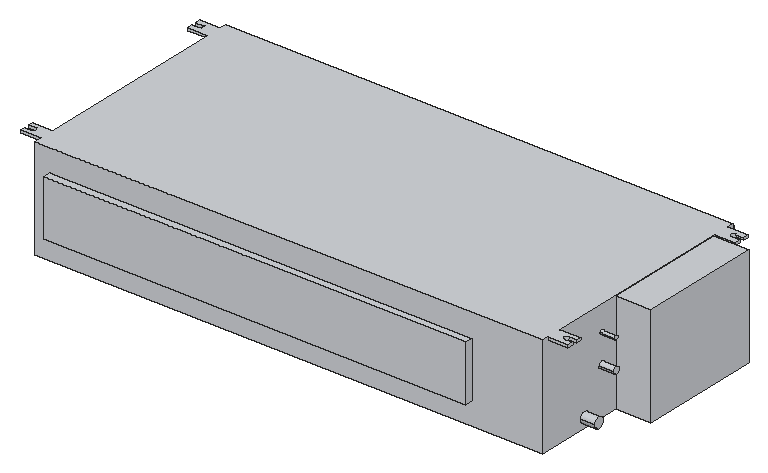
Revit family "TPU5300DA1I-WS", category Оборудование, Revit 2018
Family settings
  Размер круглого соединителя = Использовать диаметр
  Классификация = Нет
  Тип детали = Нормальный
  На основе рабочей плоскости = Нет
  Всегда вертикально = Да
  При загрузке вырезать с полостями = Нет
  Общий = Нет
  Точка расчета площади = Нет
Parameters (values of type "TPU5300DA1I-WS")
  Ширина = 1000 mm
  Размеры блока (ВхШхГ), мм = "1000×500×200"
  Производительность (охл.), кВт = "5.3"
  Описание = "Внутренний блок"
  Изготовитель = "TIZEST"
  Диаметр жидкостной трубы, мм (дюймы) = "6,35 (1/4)"
  Диаметр дренажной трубы, мм = "20"
  Диаметр газовой трубы, мм (дюймы) = "12,70 (1/2)"
  Группа модели = "Перманентный агрегат"
  Глубина = 470 mm
  Высота = 200 mm
  Вес блока, кг = "20"
  Air Return (H) = 172 mm
  Air Outlet (L) = 832 mm
  Air Outlet (H) = 110 mm
  Air Return (L) = 977 mm
Reference planes
  plane 1 "По центру (Вперед/Назад)": y = 0
  plane 2: z = 0
  plane 3 "По центру (Влево/Вправо)": x = 0
  plane 4 "правая сторона": x = 500
  plane 5 "левая сторона": x = -500
  plane 6 "задняя сторона": y = 235
  plane 7 "передняя сторона": y = -235
  plane 8 "верх": z = 100
  plane 9 "верх Air Outlet": z = 55
  plane 10 "низ Air Outlet": z = -55
  plane 11: x = -470
  plane 12: x = 362
  plane 13: z = -100
  plane 14 "верх Air Return": z = 86
  plane 15 "низ Air Return": z = -86
  plane 16: x = 488.5
  plane 17: x = -488.5
  plane 18: y = -133
  plane 19: z = -79.7
  plane 20: y = -90.43
  plane 21: z = 51.95
  plane 22: z = -6.05
  plane 23: z = -79.7
  plane 24: y = -133
Forms (mm)
  Extrusion 1, solid
    sketch origin (0, 0, 0) x (1, 0, 0) y (0, 1, 0)
      loop
        line (-500, 235) -> (-500, -235) -> (500, -235) -> (500, 235) -> (-500, 235)
    from -100 to 100
  Extrusion 2, solid
    sketch origin (0, -235, 0) x (-1, 0, 0) y (0, 0, 1)
      loop
        line (470, 55) -> (-362, 55) -> (-362, -55) -> (470, -55) -> (470, 55)
    from 0 to -15
  Extrusion 3, solid
    sketch origin (0, 235, 0) x (-1, 0, 0) y (0, 0, 1)
      loop
        line (-488.5, 86) -> (-488.5, -86) -> (488.5, -86) -> (488.5, 86) -> (-488.5, 86)
    from 0 to 15
  Extrusion 4, solid
    sketch origin (0, 0, 100) x (-1, 0, 0) y (0, -1, 0)
      loop
        line (540, -211) -> (525, -211)
        arc (525, -211) -> (520, -206) -> (525, -201) r 5
        line (525, -201) -> (540, -201) -> (540, -191) -> (500, -191) -> (500, -221) -> (540, -221) -> (540, -211)
      loop
        line (-540, -211) -> (-540, -221) -> (-500, -221) -> (-500, -191) -> (-540, -191) -> (-540, -201) -> (-525, -201)
        arc (-525, -201) -> (-520, -206) -> (-525, -211) r 5
        line (-525, -211) -> (-540, -211)
      loop
        line (540, 211) -> (540, 221) -> (500, 221) -> (500, 191) -> (540, 191) -> (540, 201) -> (525, 201)
        arc (525, 201) -> (520, 206) -> (525, 211) r 5
        line (525, 211) -> (540, 211)
      loop
        line (-540, 211) -> (-525, 211)
        arc (-525, 211) -> (-520, 206) -> (-525, 201) r 5
        line (-525, 201) -> (-540, 201) -> (-540, 191) -> (-500, 191) -> (-500, 221) -> (-540, 221) -> (-540, 211)
    from 0 to -5
  Extrusion 5, solid
    sketch origin (500, 0, 0) x (0, 1, 0) y (0, 0, 1)
      loop
        circle (-133, -79.7) r 10
      loop
        circle (-90.43, -6.05) r 6.35
      loop
        circle (-90.43, 51.95) r 3.175
    from 0 to 30
  Extrusion 6, solid
    sketch origin (-500, 0, 0) x (0, 1, 0) y (0, 0, 1)
      loop
        circle (-133, -79.7) r 10
    from 0 to -30
  Extrusion 7, solid
    sketch origin (500, 0, 0) x (0, 1, 0) y (0, 0, 1)
      loop
        line (185, 100) -> (-55, 100) -> (-55, -100) -> (185, -100) -> (185, 100)
    from 0 to 70
Cuts and joins
  joined: Extrusion 1, Extrusion 4
Dimensions and locks
  equal spacing: plane 6 "задняя сторона", plane 1 "По центру (Вперед/Назад)", plane 7 "передняя сторона"
  "Глубина": plane 6 "задняя сторона" to plane 7 "передняя сторона"
  equal spacing: plane 5 "левая сторона", plane 3 "По центру (Влево/Вправо)", plane 4 "правая сторона"
  "Ширина": plane 5 "левая сторона" to plane 4 "правая сторона"
  equal spacing: plane 9 "верх Air Outlet", level, plane 10 "низ Air Outlet"
  "Air Outlet (H)": plane 9 "верх Air Outlet" to plane 10 "низ Air Outlet"
  equal spacing: plane 8 "верх", level, plane 13
  "Высота": plane 8 "верх" to plane 13
  locked: plane 11 to plane 5 "левая сторона" at 30
  "Air Outlet (L)": plane 12 to plane 11
  equal spacing: plane 17, plane 3 "По центру (Влево/Вправо)", plane 16
  "Air Return (L)": plane 17 to plane 16
  equal spacing: plane 15 "низ Air Return", level, plane 14 "верх Air Return"
  "Air Return (H)": plane 15 "низ Air Return" to plane 14 "верх Air Return"
  locked: plane 7 "передняя сторона" to plane 18 at 102
  locked: plane 19 to plane 13 at 20.3
  locked: plane 7 "передняя сторона" to plane 20 at 144.57
  locked: plane 8 "верх" to plane 21 at 48.05
  plane 21 to plane 22 = 58 mm
  locked: Extrusion 7 sketch curve to plane 6 "задняя сторона" at 50
  Extrusion 7 sketch curve to Extrusion 7 sketch curve = 240 mm
  aligned and locked: level to plane 2
  aligned and locked: plane 6 "задняя сторона" to Extrusion 1
  aligned and locked: Extrusion 1 to plane 7 "передняя сторона"
  aligned and locked: plane 4 "правая сторона" to Extrusion 1
  aligned and locked: Extrusion 1 to plane 5 "левая сторона"
  aligned and locked: plane 8 "верх" to Extrusion 1
  aligned and locked: Extrusion 1 to plane 13
  aligned and locked: plane 9 "верх Air Outlet" to Extrusion 2
  aligned and locked: Extrusion 2 to plane 10 "низ Air Outlet"
  aligned and locked: Extrusion 2 to plane 11
  aligned and locked: plane 12 to Extrusion 2
  aligned and locked: plane 14 "верх Air Return" to Extrusion 3
  aligned and locked: Extrusion 3 to plane 15 "низ Air Return"
  aligned and locked: Extrusion 3 to plane 16
  aligned and locked: plane 17 to Extrusion 3
  aligned and locked: Extrusion 4 to plane 4 "правая сторона"  (x2)
  aligned and locked: plane 5 "левая сторона" to Extrusion 4  (x2)
  aligned and locked: plane 8 "верх" to Extrusion 7
  aligned and locked: Extrusion 7 to plane 13
Automatic sketch dimensions
  plane 12 to Extrusion 1 sketch curve = 138 mm
  Extrusion 1 sketch curve to plane 11 = 30 mm
  plane 7 "передняя сторона" to Extrusion 1 sketch curve = 0 mm
  Extrusion 1 sketch curve to plane 6 "задняя сторона" = 0 mm
  Extrusion 2 sketch curve to plane 9 "верх Air Outlet" = 0 mm
  Extrusion 2 sketch curve to plane 12 = 0 mm
  plane 10 "низ Air Outlet" to Extrusion 2 sketch curve = 0 mm
  plane 11 to Extrusion 2 sketch curve = 0 mm
  plane 16 to Extrusion 3 sketch curve = 0 mm
  Extrusion 3 sketch curve to plane 17 = 0 mm
  plane 15 "низ Air Return" to Extrusion 3 sketch curve = 0 mm
  Extrusion 3 sketch curve to plane 14 "верх Air Return" = 0 mm
  Extrusion 4 sketch curve to plane 4 "правая сторона" = 0 mm  (x2)
  Extrusion 4 sketch curve to plane 5 "левая сторона" = 0 mm  (x2)
  plane 4 "правая сторона" to Extrusion 4 sketch curve = 25 mm  (x2)
  Extrusion 4 sketch curve to Extrusion 4 sketch curve = 15 mm  (x6)
  Extrusion 4 sketch curve to Extrusion 4 sketch curve = 0 mm  (x2)
  Extrusion 4 sketch curve to plane 5 "левая сторона" = 25 mm  (x2)
  Extrusion 4 sketch curve to plane 6 "задняя сторона" = 14 mm  (x2)
  Extrusion 4 sketch curve to Extrusion 4 sketch curve = 10 mm  (x7)
  Extrusion 4 sketch curve to Extrusion 4 sketch curve = 5 mm  (x4)
  plane 7 "передняя сторона" to Extrusion 4 sketch curve = 44 mm  (x2)
  plane 7 "передняя сторона" to Extrusion 4 sketch curve = 14 mm
  plane 15 "низ Air Return" to Extrusion 5 sketch curve = 6.3 mm
  plane 7 "передняя сторона" to Extrusion 5 sketch curve = 102 mm
  plane 10 "низ Air Outlet" to Extrusion 5 sketch curve = 48.95 mm
  Extrusion 5 sketch curve to Extrusion 5 sketch curve = 42.57 mm
  Extrusion 5 sketch curve to plane 9 "верх Air Outlet" = 3.05 mm
  Extrusion 5 sketch curve to Extrusion 5 sketch curve = 0 mm
  Extrusion 6 sketch curve to plane 23 = 0 mm
  Extrusion 6 sketch curve to plane 24 = 0 mm
  Extrusion 7 sketch curve to plane 13 = 0 mm
  plane 14 "верх Air Return" to Extrusion 7 sketch curve = 14 mm
  radius of Extrusion 5 sketch curve = 10 mm
  radius of Extrusion 5 sketch curve = 6.35 mm
  radius of Extrusion 5 sketch curve = 3.175 mm
  radius of Extrusion 6 sketch curve = 10 mm
Connectors
  hvac at (-54, -250, 0), driven by "Air Outlet (H)", driven by "Air Outlet (L)"
    settings: on Extrusion 2, index 1, duct flow 950 m³/h, flow factor 0, pres drop 0.0 Pa, loss coef 0, conn angle 0.00°, conn width 832 mm, conn height 110 mm, conn diameter 609.6 mm, duct sys type 1, conn prof type 1, flow config 0, flow direction 2, loss method 0, conn ref index 2, conn util no, is conn primary yes, conn desc ""
  hvac at (0, 250, 0), driven by "Air Return (H)", driven by "Air Return (L)"
    settings: on Extrusion 3, index 2, duct flow 950 m³/h, flow factor 0, pres drop 0.0 Pa, loss coef 0, conn angle 0.00°, conn width 977 mm, conn height 172 mm, conn diameter 609.6 mm, duct sys type 2, conn prof type 1, flow config 0, flow direction 1, loss method 0, conn ref index 1, conn util no, is conn primary no, conn desc ""
  piping at (-530, -133, -79.7), diameter 20
    settings: on Extrusion 6, index 3, connector inside diameter 609.6 mm, connector length 0 mm, flow factor 0, pipe flow 0.0 L/s, pressure drop 0.0 Pa, fitting loss kfactor 0, connector angle 0.00°, fixture units 0, engagement length 0 mm, angle of deflection 0.00°, flow configuration 0, flow direction 2, fitting loss method 0, system type 29, joint type 0, gender type 0, connector reference index -1, connector utility 0, adjustable connector no, is connector primary yes, connector description ""
  piping at (530, -133, -79.7), diameter 20
    settings: on Extrusion 5, index 4, connector inside diameter 609.6 mm, connector length 0 mm, flow factor 0, pipe flow 0.0 L/s, pressure drop 0.0 Pa, fitting loss kfactor 0, connector angle 0.00°, fixture units 0, engagement length 0 mm, angle of deflection 0.00°, flow configuration 0, flow direction 2, fitting loss method 0, system type 29, joint type 0, gender type 0, connector reference index -1, connector utility 0, adjustable connector no, is connector primary no, connector description ""
  piping at (530, -90.43, -6.05), diameter 12.7
    settings: on Extrusion 5, index 5, connector inside diameter 609.6 mm, connector length 0 mm, flow factor 0, pipe flow 0.0 L/s, pressure drop 0.0 Pa, fitting loss kfactor 0, connector angle 0.00°, fixture units 0, engagement length 0 mm, angle of deflection 0.00°, flow configuration 0, flow direction 0, fitting loss method 0, system type 29, joint type 0, gender type 0, connector reference index -1, connector utility 0, adjustable connector no, is connector primary no, connector description ""
  piping at (530, -90.43, 51.95), diameter 6.4
    settings: on Extrusion 5, index 6, connector inside diameter 609.6 mm, connector length 0 mm, flow factor 0, pipe flow 0.0 L/s, pressure drop 0.0 Pa, fitting loss kfactor 0, connector angle 0.00°, fixture units 0, engagement length 0 mm, angle of deflection 0.00°, flow configuration 0, flow direction 0, fitting loss method 0, system type 29, joint type 0, gender type 0, connector reference index -1, connector utility 0, adjustable connector no, is connector primary no, connector description ""
